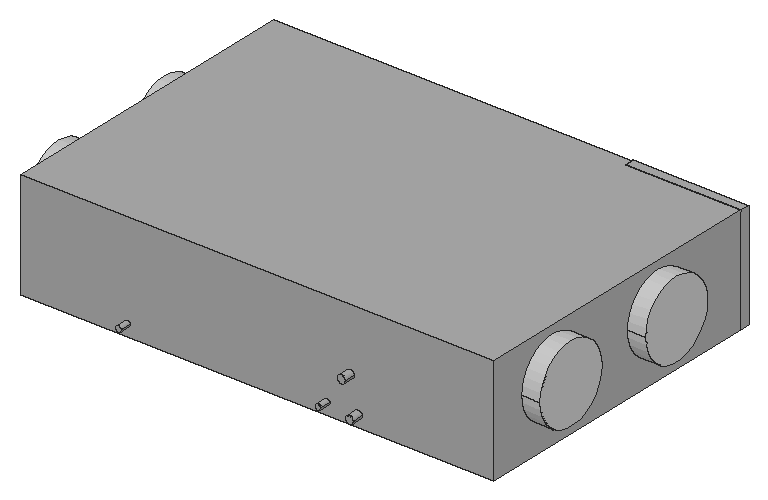
Revit family "BLAUBERG-KOMFORT_EC_DBW_550_Left", category Mechanical Equipment, Revit 2019
Family settings
  Round Connector Dimension = Use Diameter
  Classification = None
  Part Type = Normal
  OmniClass Number = 23.75.35.14
  OmniClass Title = Air Handling Units
  Work Plane-Based = No
  Always vertical = Yes
  Cut with Voids When Loaded = No
  Shared = No
  Room Calculation Point = No
Parameters (values of type "KOMFORT EC DBW 550 L S21")
  Weight = 68.00 kg
  LDrainCon = 28 mm
  Maximum Unit Power = 297 W
  Maximum Unit Current = 2.4 A
  HeaterSupplyConL = 355 mm
  HeaterSupplyConH = 30 mm
  HeaterReturnConL = 376 mm
  HeaterReturnConH = 118 mm
  Heater Pressure Drop [instance] = 0.0 Pa
  Heater Power [instance] = 0 W
  Heater Flow [instance] = 0.0 L/s
  Heater Connection Diameter = 20 mm
  Heat Exchanger Material = "polystyrene"
  LDuctCon = 50 mm  # constant formula
  HDrainCon = 31 mm
  H = 280 mm
  Front Maintenance Zone Width = H  # 280 mm
  Front Maintenance Zone Length = L  # 1238 mm
  ElBoxB1 = 22 mm
  ElBoxB = 24 mm
  ElBoxL = 302 mm
  DrainPipe = yes
  DrainD = if(Drain Connection Diameter = 0 mm, 1 mm, Drain Connection Diameter)  # 14 mm
  Drain Flow [instance] = 0.0 L/s
  Drain Connection Diameter = 14 mm
  LDrainCon2 = 437 mm
  LDrainCon1 = 280 mm
  DPS_H = 170 mm
  DPS_L2 = 410 mm
  DPS_L1 = 145 mm
  B2 = 188 mm
  Air Flow Factor [instance] = 1  # constant formula
  B1 = 295 mm
  Air Flow Exhaust [instance] = 0 m³/h
  L = 1238 mm
  Voltage = 230 V
  URL = "https://blaubergventilatoren.de/en/product/komfort-ec-dbw-550-l-s21"
  Type Comments = "Air Handling Unit KOMFORT EC DBW 550 L S21"
  Transported Air Temperature (°C) = "-25…+40"
  Supply Air Filter = "G4 (F7 option)"
  Sound Pressure Level at 3 m (dBA) = 30
  SEC Class = "A"
  RPM (min-1) = 3100
  Power Factor = 1
  Power = Maximum Unit Power  # 297 W
  Number of Poles = 1
  Model = "KOMFORT EC DBW 550 L S21"
  Maximum Air Flow = 620 m³/h
  Manufacturer = "Blauberg"
  Maintenance Zone Material = Maintenance Zone
  Front Maintenance Zone Height = 850 mm
  Maintenance Zone [instance] = no
  Load Classification = HVAC
  B = 828 mm
  Heat recovery efficiency (%) = "78..90"
  Heat Exchanger Type = "counter-flow"
  H1 = 118 mm
  Metal Material = Metal Zinc
  Family Version = "1.0"  # constant formula
  Extract Air Filter = "G4"
  Duct Connection Diameter = 200 mm
  Description = "Air Handling Unit"
  D = Duct Connection Diameter  # 200 mm
  Current = Maximum Unit Current  # 2.4 A
  Copyright = "©Blauberg"
  Casing Material = Painted Steel Gray
  Apparent Power [instance] = Power / Power Factor  # 297 VA
  Air Flow Supply [instance] = 0 m³/h
Types (2, lengths in mm): name | Heat Exchanger Material | DrainPipe | DrainD | Drain Connection Diameter | URL | Type Comments | Model | Heat recovery efficiency (%)
  KOMFORT EC DBW 550 L S21 | "polystyrene" | yes | 14 | 14 | "https://blaubergventilatoren.de/en/product/komfort-ec-dbw-550-l-s21" | "Air Handling Unit KOMFORT EC DBW 550 L S21" | "KOMFORT EC DBW 550 L S21" | "78..90"
  KOMFORT EC DBW 550-E L S21 | "enthalpy" | no | 1 | 0 | "https://blaubergventilatoren.de/en/product/komfort-ec-dbw-550-e-l-s21" | "Air Handling Unit KOMFORT EC DBW 550-E L S21" | "KOMFORT EC DBW 550-E L S21" | "69..87"
Reference planes
  plane 1 "Center (Front/Back)": y = 0
  plane 2: z = 0
  plane 3 "Center (Left/Right)": x = 0
  plane 4 "Back": y = 414
  plane 5 "Front": y = -414
  plane 6 "L": x = -619
  plane 7 "R": x = 619
  plane 8 "DuctConB2": y = 119
  plane 9 "DuctConB1": y = -226
  plane 10: x = -669
  plane 11: x = 669
  plane 12 "Top": z = 118
  plane 13 "Bottom": z = -162
  plane 14 "DrainConH": z = -131
  plane 15 "DrainConL1": x = -339
  plane 16 "DrainConL2": x = 182
  plane 17 "S": y = -442
  plane 18 "ElBox": y = 392
  plane 19: y = 416
  plane 20: x = 317
  plane 21 "DPSL1": x = 209
  plane 22 "DPSL2": x = -474
  plane 23: z = -52
  plane 24 "HeaterSupplyConH": z = -132
  plane 25 "HeaterReturnConH": z = -44
  plane 26 "HeaterReturnConL": x = 243
  plane 27 "HeaterSupplyConL": x = 264
Forms (mm)
  Extrusion 1, solid, material "Painted Steel Gray" <- "Casing Material", detail levels medium+fine
    sketch origin (0, 0, 0) x (1, 0, 0) y (0, 1, 0)
      loop
        line (-619, 414) -> (-619, -414) -> (619, -414) -> (619, 392) -> (317, 392) -> (317, 414) -> (-619, 414)
    from -162 to 118
  Extrusion 2, solid, material "Metal Zinc" <- "Metal Material", detail levels medium+fine
    sketch origin (-619, 0, 0) x (0, 1, 0) y (0, 0, 1)
      loop
        circle (119, 0) r 100
      loop
        circle (-226, 0) r 100
    from 0 to -50
  Extrusion 3, solid, material "Metal Zinc" <- "Metal Material", detail levels medium+fine
    sketch origin (619, 0, 0) x (0, 1, 0) y (0, 0, 1)
      loop
        circle (119, 0) r 100
      loop
        circle (-226, 0) r 100
    from 0 to 50
  Extrusion 4, solid, material "Painted Steel Gray" <- "Casing Material", visible <- "DrainPipe", detail levels medium+fine
    sketch origin (0, -414, 0) x (-1, 0, 0) y (0, 0, 1)
      loop
        circle (339, -131) r 7
    from 0 to -28
  Extrusion 5, solid, material "Painted Steel Gray" <- "Casing Material", visible <- "DrainPipe", detail levels medium+fine
    sketch origin (0, -414, 0) x (-1, 0, 0) y (0, 0, 1)
      loop
        circle (-182, -131) r 7
    from 0 to -28
  Extrusion 6, solid, material "Painted Steel Gray" <- "Casing Material", detail levels medium+fine
    sketch origin (0, 0, 0) x (1, 0, 0) y (0, 1, 0)
      loop
        line (317, 416) -> (317, 392) -> (619, 392) -> (619, 416) -> (317, 416)
    from -162 to 118
  Extrusion 7, solid, material "Painted Steel Gray" <- "Casing Material", detail levels medium+fine
    sketch origin (0, -414, 0) x (-1, 0, 0) y (0, 0, 1)
      loop
        circle (-264, -132) r 10
      loop
        circle (-243, -44) r 10
    from 0 to -28
Lines and regions (mm)
  model lines, detail levels coarse
    curve 1: line (-619, 414, 0) -> (619, 414, 0)
    curve 2: line (-619, -414, 0) -> (-619, 414, 0)
    curve 3: line (619, -414, 0) -> (-619, -414, 0)
    curve 4: line (619, 414, 0) -> (619, -414, 0)
    curve 5: line (-619, 119, 0) -> (-669, 119, 0)
    curve 6: line (-619, -226, 0) -> (-669, -226, 0)
    curve 7: line (619, -226, 0) -> (669, -226, 0)
    curve 8: line (619, 119, 0) -> (669, 119, 0)
Dimensions and locks
  equal spacing: plane 6 "L", plane 3 "Center (Left/Right)", plane 7 "R"
  "L": plane 6 "L" to plane 7 "R"
  equal spacing: plane 4 "Back", plane 1 "Center (Front/Back)", plane 5 "Front"
  "B": plane 4 "Back" to plane 5 "Front"
  "B1": plane 4 "Back" to plane 8 "DuctConB2"
  "B2": plane 9 "DuctConB1" to plane 5 "Front"
  "LDuctCon": plane 10 to plane 6 "L"
  "LDuctCon": plane 7 "R" to plane 11
  "H1": plane 12 "Top" to level
  "H": plane 12 "Top" to plane 13 "Bottom"
  "HDrainCon": plane 14 "DrainConH" to plane 13 "Bottom"
  "LDrainCon1": plane 6 "L" to plane 15 "DrainConL1"
  "LDrainCon2": plane 16 "DrainConL2" to plane 7 "R"
  "LDrainCon": plane 5 "Front" to plane 17 "S"
  "ElBoxB": plane 19 to plane 18 "ElBox"
  "ElBoxL": plane 20 to plane 7 "R"
  "DPS_L1": plane 6 "L" to plane 22 "DPSL2"
  "DPS_L2": plane 21 "DPSL1" to plane 7 "R"
  "DPS_H": plane 12 "Top" to plane 23
  "ElBoxB1": plane 4 "Back" to plane 18 "ElBox"
  "HeaterSupplyConH": plane 13 "Bottom" to plane 24 "HeaterSupplyConH"
  "HeaterReturnConH": plane 13 "Bottom" to plane 25 "HeaterReturnConH"
  "HeaterSupplyConL": plane 27 "HeaterSupplyConL" to plane 7 "R"
  "HeaterReturnConL": plane 26 "HeaterReturnConL" to plane 7 "R"
  "D": diameter of Extrusion 2 sketch curve  (x2)
  "D": diameter of Extrusion 3 sketch curve  (x2)
  "DrainD": diameter of Extrusion 4 sketch curve
  "DrainD": diameter of Extrusion 5 sketch curve
  "Heater Connection Diameter": diameter of Extrusion 7 sketch curve  (x2)
  aligned and locked: level to plane 2
  aligned and locked: Extrusion 1 sketch curve to plane 4 "Back"
  aligned and locked: plane 6 "L" to Extrusion 1 sketch curve
  aligned and locked: plane 5 "Front" to Extrusion 1 sketch curve
  aligned and locked: Extrusion 1 sketch curve to plane 7 "R"
  aligned and locked: plane 12 "Top" to Extrusion 1
  aligned and locked: Extrusion 1 to plane 13 "Bottom"
  aligned and locked: plane 11 to Extrusion 3
  aligned and locked: Extrusion 2 to plane 10
  aligned and locked: Extrusion 4 to plane 17 "S"
  aligned and locked: Extrusion 5 to plane 17 "S"
  aligned and locked: Extrusion 6 sketch curve to plane 19
  aligned and locked: plane 18 "ElBox" to Extrusion 6 sketch curve
  aligned and locked: Extrusion 6 sketch curve to plane 7 "R"
  aligned and locked: plane 12 "Top" to Extrusion 6
  aligned and locked: Extrusion 6 to plane 13 "Bottom"
  aligned and locked: plane 20 to Extrusion 6 sketch curve
  aligned and locked: plane 20 to Extrusion 1 sketch curve
  aligned and locked: plane 18 "ElBox" to Extrusion 1 sketch curve
  aligned and locked: nested 1 to plane 21 "DPSL1"
  aligned and locked: nested 1 to plane 23
  aligned and locked: nested 2 to plane 23
  aligned and locked: nested 2 to plane 22 "DPSL2"
  aligned and locked: nested 3 to plane 3 "Center (Left/Right)"
  aligned and locked: plane 12 "Top" to nested 3
  aligned and locked: curve 1 to nested 3
  aligned and locked: curve 3 to Extrusion 1
  aligned and locked: curve 4 to Extrusion 1
  aligned and locked: plane 10 to curve 5
  aligned and locked: plane 6 "L" to curve 5
  aligned and locked: plane 8 "DuctConB2" to curve 5
  aligned and locked: plane 10 to curve 6
  aligned and locked: plane 6 "L" to curve 6
  aligned and locked: plane 9 "DuctConB1" to curve 6
  aligned and locked: plane 11 to curve 7
  aligned and locked: plane 7 "R" to curve 7
  aligned and locked: curve 7 to plane 9 "DuctConB1"
  aligned and locked: plane 11 to curve 8
  aligned and locked: curve 8 to plane 8 "DuctConB2"
Automatic sketch dimensions
  Extrusion 2 sketch curve to level = 0 mm  (x2)
  Extrusion 2 sketch curve to plane 9 "DuctConB1" = 0 mm
  Extrusion 2 sketch curve to plane 8 "DuctConB2" = 0 mm
  Extrusion 3 sketch curve to level = 0 mm  (x2)
  Extrusion 3 sketch curve to plane 9 "DuctConB1" = 0 mm
  Extrusion 3 sketch curve to plane 8 "DuctConB2" = 0 mm
  Extrusion 4 sketch curve to plane 14 "DrainConH" = 0 mm
  Extrusion 4 sketch curve to plane 15 "DrainConL1" = 0 mm
  Extrusion 5 sketch curve to plane 14 "DrainConH" = 0 mm
  Extrusion 5 sketch curve to plane 16 "DrainConL2" = 0 mm
  Extrusion 7 sketch curve to plane 24 "HeaterSupplyConH" = 0 mm
  Extrusion 7 sketch curve to plane 27 "HeaterSupplyConL" = 0 mm
  Extrusion 7 sketch curve to plane 25 "HeaterReturnConH" = 0 mm
  Extrusion 7 sketch curve to plane 26 "HeaterReturnConL" = 0 mm
Nested families
  nested 1: "DPS" at (209, 414, -52) x (-1, 0, 0) z (0, 1, 0), type "DPS", detail levels medium+fine
  nested 2: "DPS" at (-474, 414, -52) x (-1, 0, 0) z (0, 1, 0), type "DPS", detail levels medium+fine
  nested 3: "MaintenanceZone_Rect" at (0, 414, -22) x (-1, 0, 0) z (0, -1, 0), visible <- "Maintenance Zone", type "Side", detail levels medium+fine
    with Maintenance Zone Width 280 mm, Maintenance Zone Length 1238 mm, Maintenance Zone Height 850 mm
Connectors
  electrical at (619, 404, -22), driven by "Number of Poles", driven by "Load Classification", driven by "Voltage", driven by "Apparent Power", driven by "Power Factor"
    settings: on Extrusion 6, index 1, voltage 230 V, apparent load 297 VA, apparent load phase1 0 VA, apparent load phase2 0 VA, apparent load phase3 0 VA, power factor 1, load classification "HVAC", number of poles 1, system type 30, power factor state 1, is connector primary yes, connector utility no, sub classification motor no, connector description ""
  hvac at (669, -226, 0), driven by "Duct Connection Diameter", driven by "Air Flow Supply"
    settings: on Extrusion 3, index 2, duct flow 0 m³/h, flow factor 0, pres drop 0.0 Pa, loss coef 0, conn angle 0.00°, conn width 304.8 mm, conn height 304.8 mm, conn diameter 200 mm, duct sys type 1, conn prof type 0, flow config 0, flow direction 2, loss method 0, conn ref index -1, conn util no, is conn primary yes, conn desc "Supply Air"
  hvac at (669, 119, 0), driven by "Duct Connection Diameter", driven by "Air Flow Exhaust"
    settings: on Extrusion 3, index 3, duct flow 0 m³/h, flow factor 0, pres drop 0.0 Pa, loss coef 0, conn angle 0.00°, conn width 304.8 mm, conn height 304.8 mm, conn diameter 200 mm, duct sys type 3, conn prof type 0, flow config 0, flow direction 1, loss method 0, conn ref index -1, conn util no, is conn primary no, conn desc "Extract Air"
  hvac at (-669, 119, 0), driven by "Duct Connection Diameter", driven by "Air Flow Supply"
    settings: on Extrusion 2, index 4, duct flow 0 m³/h, flow factor 0, pres drop 0.0 Pa, loss coef 0, conn angle 0.00°, conn width 304.8 mm, conn height 304.8 mm, conn diameter 200 mm, duct sys type 1, conn prof type 0, flow config 1, flow direction 1, loss method 0, conn ref index -1, conn util no, is conn primary no, conn desc "Intake Air"
  hvac at (-669, -226, 0), driven by "Duct Connection Diameter", driven by "Air Flow Exhaust"
    settings: on Extrusion 2, index 5, duct flow 0 m³/h, flow factor 0, pres drop 0.0 Pa, loss coef 0, conn angle 0.00°, conn width 304.8 mm, conn height 304.8 mm, conn diameter 200 mm, duct sys type 3, conn prof type 0, flow config 1, flow direction 2, loss method 0, conn ref index -1, conn util no, is conn primary no, conn desc "Exhaust Air"
  piping at (-339, -442, -131), diameter 14, driven by "Drain Connection Diameter", driven by "Drain Flow"
    settings: on Extrusion 4, index 6, connector inside diameter 609.6 mm, connector length 0 mm, flow factor 0, pipe flow 0.0 L/s, pressure drop 0.0 Pa, fitting loss kfactor 0, connector angle 0.00°, fixture units 0, engagement length 0 mm, angle of deflection 0.00°, flow configuration 1, flow direction 2, fitting loss method 0, system type 16, joint type 0, gender type 0, connector reference index -1, connector utility 0, adjustable connector no, is connector primary yes, connector description ""
  piping at (182, -442, -131), diameter 14, driven by "Drain Connection Diameter", driven by "Drain Flow"
    settings: on Extrusion 5, index 7, connector inside diameter 609.6 mm, connector length 0 mm, flow factor 0, pipe flow 0.0 L/s, pressure drop 0.0 Pa, fitting loss kfactor 0, connector angle 0.00°, fixture units 0, engagement length 0 mm, angle of deflection 0.00°, flow configuration 1, flow direction 2, fitting loss method 0, system type 16, joint type 0, gender type 0, connector reference index -1, connector utility 0, adjustable connector no, is connector primary no, connector description ""
  piping at (243, -442, -44), diameter 20, driven by "Heater Connection Diameter", driven by "Heater Flow", driven by "Heater Pressure Drop"
    settings: on Extrusion 7, index 8, connector inside diameter 609.6 mm, connector length 0 mm, flow factor 0, pipe flow 0.0 L/s, pressure drop 0.0 Pa, fitting loss kfactor 0, connector angle 0.00°, fixture units 0, engagement length 0 mm, angle of deflection 0.00°, flow configuration 1, flow direction 2, fitting loss method 4, system type 8, joint type 0, gender type 0, connector reference index -1, connector utility 0, adjustable connector no, is connector primary no, connector description "Water outlet"
  piping at (264, -442, -132), diameter 20, driven by "Heater Connection Diameter", driven by "Heater Pressure Drop", driven by "Heater Flow"
    settings: on Extrusion 7, index 9, connector inside diameter 609.6 mm, connector length 0 mm, flow factor 0, pipe flow 0.0 L/s, pressure drop 0.0 Pa, fitting loss kfactor 0, connector angle 0.00°, fixture units 0, engagement length 0 mm, angle of deflection 0.00°, flow configuration 1, flow direction 1, fitting loss method 4, system type 7, joint type 0, gender type 0, connector reference index -1, connector utility 0, adjustable connector no, is connector primary no, connector description "Water inlet"
Definition of nested family "DPS"
  Parameters (values of type "DPS")
    W1 = 65 mm
    Thikness = 2 mm
    Material = none
    H1 = 47 mm
    Default Elevation = 1219.2 mm
  Reference planes
    plane 1 "Center (Front/Back)": y = 0
    plane 2: z = 0
    plane 3 "Center (Left/Right)": x = 0
    plane 4: z = 47
    plane 5: z = 51.5
    plane 6: z = 75.5
    plane 7: z = 78
    plane 8: z = 92
    plane 9: z = 86
    plane 10: x = -32.5
    plane 11: x = 32.5
    plane 12 "1": y = 50
    plane 13: y = 48
    plane 14: z = 45
    plane 15 "2": y = -22
    plane 16: z = 64
  Forms (mm)
    Revolve 1, solid, material <- "Material"
      sketch origin (0, 0, 0) x (1, 0, 0) y (0, 0, 1)
        loop
          line (-40.5, 47) -> (0, 47) -> (0, 92) -> (-31, 92) -> (-35, 86) -> (-35, 78) -> (-37.309, 78) -> (-37.309, 75.5) -> (-36, 75.5) -> (-36, 51.5) -> (-40.5, 51.5) -> (-40.5, 47)
        axis (0, 92) -> (0, 47)
      angle from 0 to 360
    Extrusion 2, solid, material <- "Material"
      sketch origin (0, 0, 0) x (0, 1, 0) y (0, 0, 1)
        loop
          line (50, 0) -> (50, 47) -> (0, 47) -> (0, 45) -> (48, 45) -> (48, 0) -> (50, 0)
      from -32.5 to 32.5
    Extrusion 3, solid, material <- "Material"
      sketch origin (0, 0, 0) x (0, 1, 0) y (0, 0, 1)
        loop
          circle (-22, 64) r 10
      from 0 to 50
  Cuts and joins
    joined: Revolve 1, Extrusion 3
  Dimensions and locks
    locked: plane 5 to plane 4 at 4.5
    locked: plane 6 to plane 5 at 24
    locked: plane 7 to plane 6 at 2.5
    locked: plane 8 to plane 9 at 6
    locked: plane 9 to plane 7 at 8
    "H1": plane 4 to level
    equal spacing: plane 11, plane 3 "Center (Left/Right)", plane 10
    "W1": plane 11 to plane 10
    "Thikness": plane 4 to plane 14
    "Thikness": plane 12 "1" to plane 13
    locked: plane 1 "Center (Front/Back)" to plane 12 "1" at 50
    locked: plane 15 "2" to plane 1 "Center (Front/Back)" at 22
    plane 16 to plane 4 = 17 mm
    aligned and locked: level to plane 2
    aligned and locked: Revolve 1 sketch curve to plane 3 "Center (Left/Right)"  (x2)
    aligned and locked: plane 6 to Revolve 1 sketch curve
    aligned and locked: plane 7 to Revolve 1 sketch curve
    aligned and locked: plane 5 to Revolve 1 sketch curve
    aligned and locked: plane 8 to Revolve 1 sketch curve
    aligned and locked: Extrusion 2 sketch curve to plane 13
    aligned and locked: plane 14 to Extrusion 2 sketch curve
    aligned and locked: Extrusion 2 sketch curve to plane 1 "Center (Front/Back)"
    aligned and locked: Extrusion 2 to plane 10
    aligned and locked: plane 11 to Extrusion 2
  Automatic sketch dimensions
    Revolve 1 sketch curve to plane 4 = 0 mm
    Revolve 1 sketch curve to plane 9 = 0 mm
    Revolve 1 sketch curve to plane 3 "Center (Left/Right)" = 31 mm
    Revolve 1 sketch curve to Revolve 1 sketch curve = 4 mm
    Revolve 1 sketch curve to Revolve 1 sketch curve = 1 mm
    Revolve 1 sketch curve to Revolve 1 sketch curve = 1.309 mm
    Revolve 1 sketch curve to Revolve 1 sketch curve = 4.5 mm
    Revolve 1 sketch curve to Revolve 1 sketch curve = 27.818 mm
    Revolve 1 sketch curve to Revolve 1 sketch curve = 2.182 mm
    Extrusion 2 sketch curve to level = 0 mm
    Extrusion 2 sketch curve to plane 12 "1" = 0 mm
    Extrusion 2 sketch curve to plane 4 = 0 mm
    Extrusion 3 sketch curve to plane 15 "2" = 0 mm
    Extrusion 3 sketch curve to plane 16 = 0 mm
    radius of Extrusion 3 sketch curve = 10 mm
Definition of nested family "MaintenanceZone_Rect"
  Parameters (values of type "MaintenanceZone_Rect")
    Maintenance Zone Width = 500 mm
    Material = none
    Maintenance Zone Length = 1000 mm
    Maintenance Zone Height = 300 mm
    Family Version = ""
    Default Elevation = 1219.2 mm
    Copyright = ""
  Reference planes
    plane 1 "Center (Front/Back)": y = 0
    plane 2: z = 0
    plane 3 "Center (Left/Right)": x = 0
    plane 4: x = -500
    plane 5: x = 500
    plane 6: y = 250
    plane 7: y = -250
    plane 8: z = -300
  Forms (mm)
    Extrusion 1, solid, material <- "Material", detail levels medium+fine
      sketch origin (0, 0, 0) x (1, 0, 0) y (0, 1, 0)
        loop
          line (-500, 250) -> (-500, -250) -> (500, -250) -> (500, 250) -> (-500, 250)
      from 0 to -300
  Lines and regions (mm)
    symbolic lines, detail levels medium+fine
      curve 1: line (-500, 0, 0) -> (500, 0, 0)
      curve 2: line (-500, 0, -300) -> (-500, 0, 0)
      curve 3: line (500, 0, -300) -> (-500, 0, -300)
      curve 4: line (500, 0, 0) -> (500, 0, -300)
      curve 5: line (0, 250, 0) -> (0, -250, 0)
      curve 6: line (0, 250, -300) -> (0, 250, 0)
      curve 7: line (0, -250, -300) -> (0, 250, -300)
      curve 8: line (0, -250, 0) -> (0, -250, -300)
      curve 9: line (-500, 250, 0) -> (500, 250, 0)
      curve 10: line (-500, -250, 0) -> (-500, 250, 0)
      curve 11: line (500, -250, 0) -> (-500, -250, 0)
      curve 12: line (500, 250, 0) -> (500, -250, 0)
  Dimensions and locks
    equal spacing: plane 6, plane 1 "Center (Front/Back)", plane 7
    equal spacing: plane 4, plane 3 "Center (Left/Right)", plane 5
    "Maintenance Zone Width": plane 6 to plane 7
    "Maintenance Zone Length": plane 4 to plane 5
    "Maintenance Zone Height": plane 2 to plane 8
    aligned and locked: level to plane 2
    aligned and locked: Extrusion 1 sketch curve to plane 6
    aligned and locked: plane 4 to Extrusion 1 sketch curve
    aligned and locked: plane 7 to Extrusion 1 sketch curve
    aligned and locked: Extrusion 1 sketch curve to plane 5
    aligned and locked: Extrusion 1 to plane 8
    aligned and locked: curve 1 to Extrusion 1
    aligned and locked: curve 2 to Extrusion 1
    aligned and locked: curve 3 to Extrusion 1
    aligned and locked: curve 4 to Extrusion 1
    aligned and locked: curve 5 to Extrusion 1
    aligned and locked: curve 6 to Extrusion 1
    aligned and locked: curve 7 to Extrusion 1
    aligned and locked: curve 8 to Extrusion 1
    aligned and locked: curve 9 to Extrusion 1
    aligned and locked: curve 10 to Extrusion 1
    aligned and locked: curve 11 to Extrusion 1
    aligned and locked: curve 12 to Extrusion 1
